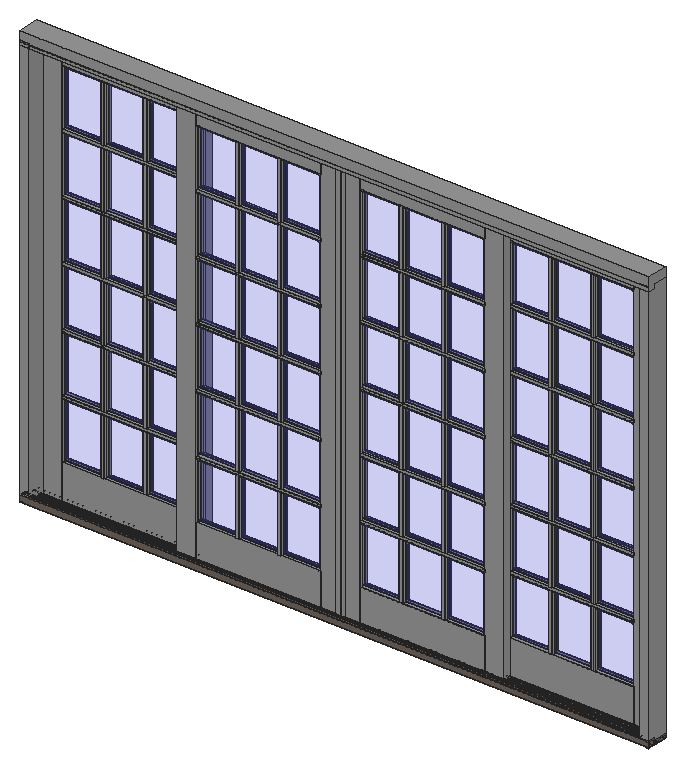
Revit family "VSDA3.1SPCO", category Doors, host Wall, Revit 2015 (continued)
Automatic sketch dimensions
  Sweep 104 sketch curve to Sweep 104 sketch curve = 6.759 mm
  Sweep 104 sketch curve to Sweep 104 sketch curve = 2 mm  (x2)
  Sweep 104 sketch curve to profile plane = 132.5 mm
  Sweep 104 sketch curve to Sweep 104 sketch curve = 6 mm
  plane 2 "Center (Left/Right)" to Sweep 105 sketch curve = 308.86 mm
  Sweep 105 sketch curve to Sweep 105 sketch curve = 197.82 mm
  level to Sweep 105 sketch curve = 190 mm
  Sweep 105 sketch curve to Sweep 105 sketch curve = 284 mm
  profile plane to Sweep 105 sketch curve = 0 mm
  profile plane to Sweep 105 sketch curve = 0.241 mm
  Sweep 105 sketch curve to Sweep 105 sketch curve = 6.759 mm
  Sweep 105 sketch curve to Sweep 105 sketch curve = 2 mm  (x2)
  Sweep 105 sketch curve to profile plane = 132.5 mm
  Sweep 105 sketch curve to Sweep 105 sketch curve = 6 mm
  plane 2 "Center (Left/Right)" to Sweep 106 sketch curve = 98.02 mm
  Sweep 106 sketch curve to Sweep 106 sketch curve = 197.82 mm
  level to Sweep 106 sketch curve = 190 mm
  Sweep 106 sketch curve to Sweep 106 sketch curve = 284 mm
  profile plane to Sweep 106 sketch curve = 0 mm
  profile plane to Sweep 106 sketch curve = 0.241 mm
  Sweep 106 sketch curve to Sweep 106 sketch curve = 6.759 mm
  Sweep 106 sketch curve to Sweep 106 sketch curve = 2 mm  (x2)
  Sweep 106 sketch curve to profile plane = 132.5 mm
  Sweep 106 sketch curve to Sweep 106 sketch curve = 6 mm
  host wall to Extrusion 107 sketch curve = 7.5 mm  (x3)
  plane 2 "Center (Left/Right)" to Extrusion 107 sketch curve = 286.84 mm
  Extrusion 107 sketch curve to Extrusion 107 sketch curve = 2 mm  (x8)
  Extrusion 107 sketch curve to Extrusion 107 sketch curve = 6.759 mm  (x4)
  Extrusion 107 sketch curve to Extrusion 107 sketch curve = 0.241 mm  (x6)
  Extrusion 107 sketch curve to Extrusion 107 sketch curve = 13 mm  (x3)
  Extrusion 107 sketch curve to Extrusion 107 sketch curve = 0 mm  (x2)
  host wall to Extrusion 107 sketch curve = 5.5 mm
  Extrusion 107 sketch curve to Extrusion 107 sketch curve = 179.84 mm
  Extrusion 107 sketch curve to Extrusion 107 sketch curve = 8 mm
  host wall to Extrusion 107 sketch curve = 13.5 mm
  Extrusion 107 sketch curve to Extrusion 107 sketch curve = 6 mm
  Extrusion 107 sketch curve to Extrusion 107 sketch curve = 1.197 mm  (x2)
  Extrusion 107 sketch curve to host wall = 24.5 mm  (x2)
  host wall to Extrusion 108 sketch curve = 7.5 mm  (x3)
  plane 2 "Center (Left/Right)" to Extrusion 108 sketch curve = 286.84 mm
  Extrusion 108 sketch curve to Extrusion 108 sketch curve = 2 mm  (x8)
  Extrusion 108 sketch curve to Extrusion 108 sketch curve = 6.759 mm  (x4)
  Extrusion 108 sketch curve to Extrusion 108 sketch curve = 0.241 mm  (x6)
  Extrusion 108 sketch curve to Extrusion 108 sketch curve = 13 mm  (x3)
  Extrusion 108 sketch curve to Extrusion 108 sketch curve = 0 mm  (x2)
  host wall to Extrusion 108 sketch curve = 5.5 mm
  Extrusion 108 sketch curve to Extrusion 108 sketch curve = 179.84 mm
  Extrusion 108 sketch curve to Extrusion 108 sketch curve = 8 mm
  host wall to Extrusion 108 sketch curve = 13.5 mm
  Extrusion 108 sketch curve to Extrusion 108 sketch curve = 6 mm
  Extrusion 108 sketch curve to Extrusion 108 sketch curve = 1.197 mm  (x2)
  Extrusion 108 sketch curve to host wall = 24.5 mm  (x2)
  host wall to Extrusion 109 sketch curve = 7.5 mm  (x3)
  plane 2 "Center (Left/Right)" to Extrusion 109 sketch curve = 286.84 mm
  Extrusion 109 sketch curve to Extrusion 109 sketch curve = 2 mm  (x8)
  Extrusion 109 sketch curve to Extrusion 109 sketch curve = 6.759 mm  (x4)
  Extrusion 109 sketch curve to Extrusion 109 sketch curve = 0.241 mm  (x6)
  Extrusion 109 sketch curve to Extrusion 109 sketch curve = 13 mm  (x3)
  Extrusion 109 sketch curve to Extrusion 109 sketch curve = 0 mm  (x2)
  host wall to Extrusion 109 sketch curve = 5.5 mm
  Extrusion 109 sketch curve to Extrusion 109 sketch curve = 179.84 mm
  Extrusion 109 sketch curve to Extrusion 109 sketch curve = 8 mm
  host wall to Extrusion 109 sketch curve = 13.5 mm
  Extrusion 109 sketch curve to Extrusion 109 sketch curve = 6 mm
  Extrusion 109 sketch curve to Extrusion 109 sketch curve = 1.197 mm  (x2)
  Extrusion 109 sketch curve to host wall = 24.5 mm  (x2)
  host wall to Extrusion 110 sketch curve = 7.5 mm  (x3)
  plane 2 "Center (Left/Right)" to Extrusion 110 sketch curve = 286.84 mm
  Extrusion 110 sketch curve to Extrusion 110 sketch curve = 2 mm  (x8)
  Extrusion 110 sketch curve to Extrusion 110 sketch curve = 6.759 mm  (x4)
  Extrusion 110 sketch curve to Extrusion 110 sketch curve = 0.241 mm  (x6)
  Extrusion 110 sketch curve to Extrusion 110 sketch curve = 13 mm  (x3)
  Extrusion 110 sketch curve to Extrusion 110 sketch curve = 0 mm  (x2)
  host wall to Extrusion 110 sketch curve = 5.5 mm
  Extrusion 110 sketch curve to Extrusion 110 sketch curve = 179.84 mm
  Extrusion 110 sketch curve to Extrusion 110 sketch curve = 8 mm
  host wall to Extrusion 110 sketch curve = 13.5 mm
  Extrusion 110 sketch curve to Extrusion 110 sketch curve = 6 mm
  Extrusion 110 sketch curve to Extrusion 110 sketch curve = 1.197 mm  (x2)
  Extrusion 110 sketch curve to host wall = 24.5 mm  (x2)
  host wall to Extrusion 111 sketch curve = 7.5 mm  (x3)
  plane 2 "Center (Left/Right)" to Extrusion 111 sketch curve = 286.84 mm
  Extrusion 111 sketch curve to Extrusion 111 sketch curve = 2 mm  (x8)
  Extrusion 111 sketch curve to Extrusion 111 sketch curve = 6.759 mm  (x4)
  Extrusion 111 sketch curve to Extrusion 111 sketch curve = 0.241 mm  (x6)
  Extrusion 111 sketch curve to Extrusion 111 sketch curve = 13 mm  (x3)
  Extrusion 111 sketch curve to Extrusion 111 sketch curve = 0 mm  (x2)
  host wall to Extrusion 111 sketch curve = 5.5 mm
  Extrusion 111 sketch curve to Extrusion 111 sketch curve = 179.84 mm
  Extrusion 111 sketch curve to Extrusion 111 sketch curve = 8 mm
  host wall to Extrusion 111 sketch curve = 13.5 mm
  Extrusion 111 sketch curve to Extrusion 111 sketch curve = 6 mm
  Extrusion 111 sketch curve to Extrusion 111 sketch curve = 1.197 mm  (x2)
  Extrusion 111 sketch curve to host wall = 24.5 mm  (x2)
